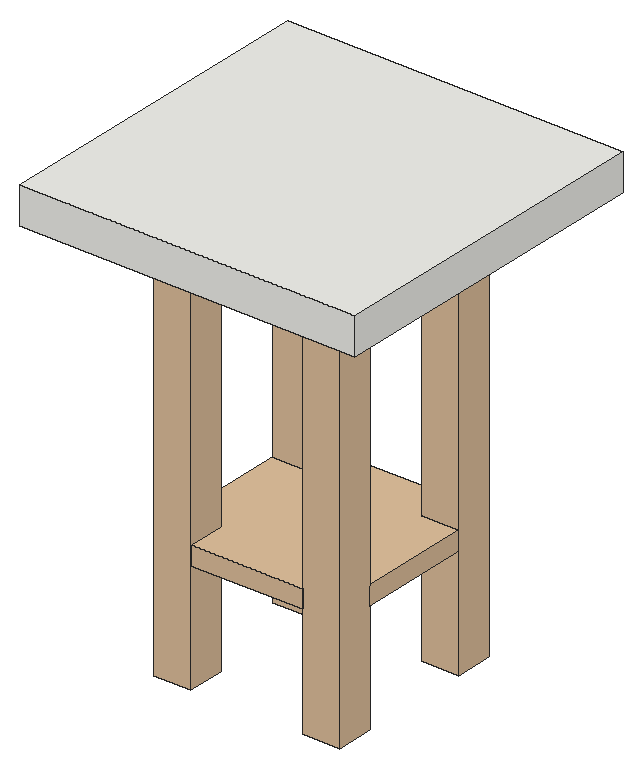
Revit family
Parameters (values of type "18" x 18" x 24"")
  Assembly Code = "E2020200"
  Base Material = Wood - Birch
  Depth = 1' - 6"
  Height = 2' - 0"
  Top Material = Laminate - Ivory, Matte
  Width = 1' - 6"
Types (3): name | Depth | Height | Width
  (no name) | 1' - 6" | 2' - 0" | 1' - 6"
  24" x 24" x 30" | 2' - 0" | 2' - 6" | 2' - 0"
  18" x 18" x 24" | 1' - 6" | 2' - 0" | 1' - 6"
Reference planes (in)
  plane 1: y = 0
  plane 2: z = 0
  plane 3: x = 0.14699
  plane 4: x = 18.14699
  plane 5: y = 18
  plane 6: y = 9
  plane 7: x = 9.14699
  plane 8: z = 24
  plane 9: z = 22
Forms (in)
  Extrusion 1, solid, material "Laminate - Ivory, Matte" <- "Top Material"
    sketch origin (0, 0, 0) x (1, 0, 0) y (0, 1, 0)
      loop
        line (0.14699, 0) -> (18.14699, 0) -> (18.14699, 18) -> (0.14699, 18) -> (0.14699, 0)
    from 22 to 24
  Extrusion 2, solid, material "Wood - Birch" <- "Base Material"
    sketch origin (0, 0, 0) x (1, 0, 0) y (0, 1, 0)
      loop
        line (4.14699, 14) -> (4.14699, 12) -> (6.14699, 12) -> (6.14699, 14) -> (4.14699, 14)
      loop
        line (4.14699, 6) -> (4.14699, 4) -> (6.14699, 4) -> (6.14699, 6) -> (4.14699, 6)
      loop
        line (12.14699, 14) -> (12.14699, 12) -> (14.14699, 12) -> (14.14699, 14) -> (12.14699, 14)
      loop
        line (12.14699, 6) -> (12.14699, 4) -> (14.14699, 4) -> (14.14699, 6) -> (12.14699, 6)
    from 0 to 22
  Extrusion 3, solid, material "Wood - Birch" <- "Base Material"
    sketch origin (0, 0, 0) x (1, 0, 0) y (0, 1, 0)
      loop
        line (12.14699, 14) -> (6.14699, 14) -> (6.14699, 12) -> (4.14699, 12) -> (4.14699, 6) -> (6.14699, 6) -> (6.14699, 4) -> (12.14699, 4) -> (12.14699, 6) -> (14.14699, 6) -> (14.14699, 12) -> (12.14699, 12) -> (12.14699, 14)
    from 6 to 7
Lines and regions (in)
  Masking region 1
    outline origin (0, 0, 0) x (1, 0, 0) y (0, 1, 0)
      loop
        line (0.14699, 18) -> (0.14699, 0) -> (18.14699, 0) -> (18.14699, 18) -> (0.14699, 18)
Dimensions and locks (in)
  locked: Extrusion 1 to Extrusion 1 at 2
  locked: Extrusion 1 to Extrusion 2 sketch curve at 4  (x4)
  locked: Extrusion 2 sketch curve to Extrusion 1 at 4  (x4)
  locked: Extrusion 2 sketch curve to Extrusion 2 sketch curve at 2  (x8)
  "Width": plane 3 to plane 4
  "Depth": plane 5 to plane 1
  equal spacing: plane 3, plane 7, plane 4
  equal spacing: plane 5, plane 6, plane 1
  "Height": plane 8 to plane 2
  locked: plane 8 to plane 9 at 2
  aligned and locked: plane 1 to Extrusion 1 sketch curve
  aligned and locked: level to plane 2
  aligned and locked: Extrusion 3 sketch curve to Extrusion 2  (x3)
  aligned and locked: Extrusion 2 to Extrusion 3 sketch curve  (x2)
  aligned and locked: plane 8 to Extrusion 1
  aligned and locked: plane 9 to Extrusion 2
  aligned and locked: plane 4 to Masking region 1 sketch curve
  aligned and locked: Masking region 1 sketch curve to plane 5
  aligned and locked: plane 3 to Masking region 1 sketch curve
  aligned and locked: Masking region 1 sketch curve to plane 1
Automatic sketch dimensions
  Extrusion 1 sketch curve to plane 3 = 0' - 0"
  plane 3 to Extrusion 3 sketch curve = 0' - 4"
  Extrusion 3 sketch curve to Extrusion 3 sketch curve = 0' - 2"  (x4)
  Extrusion 3 sketch curve to plane 1 = 0' - 4"
  plane 4 to Extrusion 3 sketch curve = 0' - 6"
  Extrusion 1 sketch curve to plane 4 = 0' - 0"
  Extrusion 1 sketch curve to plane 5 = 0' - 0"
